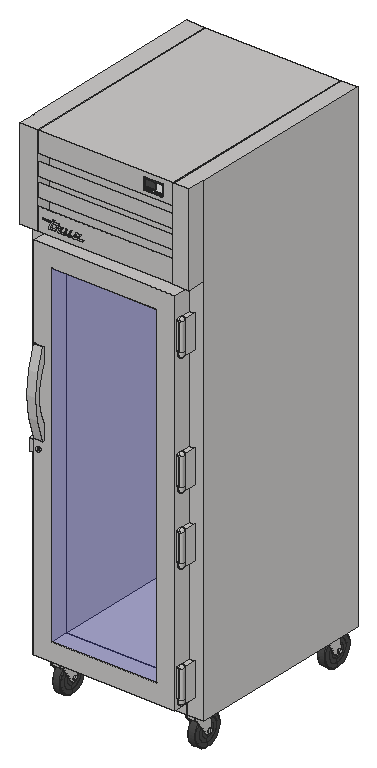
Revit family "QF_TRUE_STG1H-1G", category Specialty Equipment, Revit 2012 (continued)
Automatic sketch dimensions
  plane 7 to Revolve 31 sketch curve = 1 25/32"
  Revolve 32 sketch curve to plane 7 = 0.62954"
  Revolve 32 sketch curve to plane 4 "RIGHT" = 4.14082"
  Revolve 32 sketch curve to Revolve 32 sketch curve = 1.29707"
  Revolve 32 sketch curve to Revolve 32 sketch curve = 0"
  Revolve 32 sketch curve to Revolve 32 sketch curve = 0.10278"
  Revolve 32 sketch curve to plane 7 = 0.00141"
  plane 7 to Revolve 32 sketch curve = 0.26768"
  Extrusion 33 sketch curve to plane 7 = 0.63926"  (x2)
  Extrusion 33 sketch curve to plane 5 "FRONT" = 3.79864"
  Extrusion 33 sketch curve to Extrusion 33 sketch curve = 1/4"  (x2)
  Extrusion 33 sketch curve to Extrusion 33 sketch curve = 2 1/2"
  Extrusion 33 sketch curve to plane 7 = 0.93273"  (x2)
  Extrusion 33 sketch curve to Extrusion 33 sketch curve = 0.03603"
  plane 1 "BACK" to Extrusion 33 sketch curve = 3.8577"
  Extrusion 33 sketch curve to plane 7 = 1.24411"
  plane 1 "BACK" to Extrusion 33 sketch curve = 1.1077"
  Revolve 34 sketch curve to plane 4 "RIGHT" = 4.35148"
  Revolve 34 sketch curve to Revolve 34 sketch curve = 0.48273"
  Revolve 34 sketch curve to Revolve 34 sketch curve = 0.4"
  Revolve 34 sketch curve to Revolve 34 sketch curve = 0"  (x2)
  Revolve 34 sketch curve to Revolve 34 sketch curve = 0.1"  (x2)
  Revolve 34 sketch curve to Revolve 34 sketch curve = 0.16101"
  Revolve 34 sketch curve to Revolve 34 sketch curve = 0.75408"
  Revolve 34 sketch curve to Revolve 34 sketch curve = 0.92798"
  Revolve 34 sketch curve to Revolve 34 sketch curve = 0.06101"
  Revolve 34 sketch curve to Revolve 34 sketch curve = 1/2"
  Revolve 34 sketch curve to Revolve 34 sketch curve = 0.16509"
  Revolve 34 sketch curve to Revolve 34 sketch curve = 0.39592"
  level to Revolve 34 sketch curve = 2 1/2"
  Revolve 34 sketch curve to Revolve 34 sketch curve = 0.29941"  (x2)
  Revolve 34 sketch curve to Revolve 34 sketch curve = 3/4"  (x4)
  Revolve 34 sketch curve to Revolve 34 sketch curve = 0.59652"
  Revolve 34 sketch curve to Revolve 34 sketch curve = 0.60059"
  plane 3 "LEFT" to Revolve 35 sketch curve = 1.33602"
  Revolve 35 sketch curve to Revolve 35 sketch curve = 0.48273"
  Revolve 35 sketch curve to plane 8 = 5/8"  (x2)
  Revolve 35 sketch curve to Revolve 35 sketch curve = 0.1"  (x2)
  Revolve 35 sketch curve to Revolve 35 sketch curve = 0.16101"
  plane 8 to Revolve 35 sketch curve = 0.12908"
  plane 8 to Revolve 35 sketch curve = 0.46399"
  plane 8 to Revolve 35 sketch curve = 0.525"
  Revolve 35 sketch curve to Revolve 35 sketch curve = 1/2"
  Revolve 35 sketch curve to Revolve 35 sketch curve = 0.16509"
  Revolve 35 sketch curve to Revolve 35 sketch curve = 0.39592"
  level to Revolve 35 sketch curve = 2 1/2"
  Revolve 35 sketch curve to Revolve 35 sketch curve = 0"
  Revolve 35 sketch curve to Revolve 35 sketch curve = 0.29941"  (x2)
  Revolve 35 sketch curve to Revolve 35 sketch curve = 3/4"  (x4)
  Revolve 35 sketch curve to Revolve 35 sketch curve = 0.59652"
  Revolve 35 sketch curve to Revolve 35 sketch curve = 0.60059"
  Extrusion 36 sketch curve to plane 7 = 0.63926"  (x2)
  Extrusion 36 sketch curve to plane 5 "FRONT" = 3.79864"
  Extrusion 36 sketch curve to Extrusion 36 sketch curve = 1/4"  (x2)
  level to Extrusion 36 sketch curve = 2.18736"  (x2)
  Extrusion 36 sketch curve to Extrusion 36 sketch curve = 1.7492"
  Extrusion 36 sketch curve to Extrusion 36 sketch curve = 0.50669"  (x2)
  Extrusion 36 sketch curve to Extrusion 36 sketch curve = 2 1/2"
  level to Extrusion 36 sketch curve = 2.59003"
  Extrusion 36 sketch curve to Extrusion 36 sketch curve = 0.59966"  (x2)
  plane 1 "BACK" to Extrusion 36 sketch curve = 3.8577"
  plane 1 "BACK" to Extrusion 36 sketch curve = 1.8585"
  plane 1 "BACK" to Extrusion 36 sketch curve = 1.1077"
  Extrusion 36 sketch curve to Extrusion 36 sketch curve = 0.32905"
  Extrusion 36 sketch curve to Extrusion 36 sketch curve = 0.60485"  (x2)
  Extrusion 37 sketch curve to plane 7 = 0.63926"  (x2)
  Extrusion 37 sketch curve to plane 5 "FRONT" = 3.79864"
  Extrusion 37 sketch curve to Extrusion 37 sketch curve = 1/4"  (x2)
  level to Extrusion 37 sketch curve = 2.18736"  (x2)
  Extrusion 37 sketch curve to Extrusion 37 sketch curve = 1.7492"
  Extrusion 37 sketch curve to Extrusion 37 sketch curve = 0.50669"  (x2)
  Extrusion 37 sketch curve to Extrusion 37 sketch curve = 2 1/2"
  level to Extrusion 37 sketch curve = 2.59003"
  Extrusion 37 sketch curve to Extrusion 37 sketch curve = 0.59966"  (x2)
  plane 1 "BACK" to Extrusion 37 sketch curve = 3.8577"
  plane 1 "BACK" to Extrusion 37 sketch curve = 1.8585"
  plane 1 "BACK" to Extrusion 37 sketch curve = 1.1077"
  Extrusion 37 sketch curve to Extrusion 37 sketch curve = 0.32905"
  Extrusion 37 sketch curve to Extrusion 37 sketch curve = 0.60485"  (x2)
  Revolve 38 sketch curve to plane 8 = 0"  (x2)
  Revolve 38 sketch curve to plane 7 = 0.62954"
  Revolve 38 sketch curve to plane 8 = 1.29707"
  Revolve 38 sketch curve to Revolve 38 sketch curve = 0.10278"
  Revolve 38 sketch curve to plane 7 = 0.00141"
  plane 7 to Revolve 38 sketch curve = 0.26768"
  Revolve 39 sketch curve to level = 0"
  Revolve 39 sketch curve to plane 8 = 0"  (x2)
  Revolve 39 sketch curve to plane 8 = 1/2"
  Revolve 39 sketch curve to Revolve 39 sketch curve = 1/4"
  Revolve 39 sketch curve to plane 7 = 0"
  Revolve 39 sketch curve to plane 8 = 1.33338"
  level to Revolve 39 sketch curve = 1"
  Revolve 39 sketch curve to Revolve 39 sketch curve = 5/8"
  plane 7 to Revolve 39 sketch curve = 1 25/32"
  Revolve 40 sketch curve to level = 0"
  Revolve 40 sketch curve to plane 8 = 0"  (x2)
  Revolve 40 sketch curve to plane 8 = 1/2"
  Revolve 40 sketch curve to Revolve 40 sketch curve = 1/4"
  Revolve 40 sketch curve to plane 7 = 0"
  Revolve 40 sketch curve to plane 8 = 1.33338"
  level to Revolve 40 sketch curve = 1"
  Revolve 40 sketch curve to Revolve 40 sketch curve = 5/8"
  plane 7 to Revolve 40 sketch curve = 1 25/32"
  Revolve 41 sketch curve to plane 8 = 0"  (x2)
  Revolve 41 sketch curve to plane 7 = 0.62954"
  Revolve 41 sketch curve to plane 8 = 1.29707"
  Revolve 41 sketch curve to Revolve 41 sketch curve = 0.10278"
  Revolve 41 sketch curve to plane 7 = 0.00141"
  plane 7 to Revolve 41 sketch curve = 0.26768"
  Extrusion 42 sketch curve to plane 7 = 0.63926"  (x2)
  Extrusion 42 sketch curve to plane 5 "FRONT" = 3.79864"
  Extrusion 42 sketch curve to Extrusion 42 sketch curve = 1/4"  (x2)
  Extrusion 42 sketch curve to Extrusion 42 sketch curve = 2 1/2"
  Extrusion 42 sketch curve to plane 7 = 0.93273"  (x2)
  Extrusion 42 sketch curve to Extrusion 42 sketch curve = 0.03603"
  plane 1 "BACK" to Extrusion 42 sketch curve = 3.8577"
  Extrusion 42 sketch curve to plane 7 = 1.24411"
  plane 1 "BACK" to Extrusion 42 sketch curve = 1.1077"
  plane 3 "LEFT" to Revolve 43 sketch curve = 1.33602"
  Revolve 43 sketch curve to Revolve 43 sketch curve = 0.48273"
  Revolve 43 sketch curve to plane 8 = 5/8"  (x2)
  Revolve 43 sketch curve to Revolve 43 sketch curve = 0.1"  (x2)
  Revolve 43 sketch curve to Revolve 43 sketch curve = 0.16101"
  plane 8 to Revolve 43 sketch curve = 0.12908"
  plane 8 to Revolve 43 sketch curve = 0.46399"
  plane 8 to Revolve 43 sketch curve = 0.525"
  Revolve 43 sketch curve to Revolve 43 sketch curve = 1/2"
  Revolve 43 sketch curve to Revolve 43 sketch curve = 0.16509"
  Revolve 43 sketch curve to Revolve 43 sketch curve = 0.39592"
  level to Revolve 43 sketch curve = 2 1/2"
  Revolve 43 sketch curve to Revolve 43 sketch curve = 0"
  Revolve 43 sketch curve to Revolve 43 sketch curve = 0.29941"  (x2)
  Revolve 43 sketch curve to Revolve 43 sketch curve = 3/4"  (x4)
  Revolve 43 sketch curve to Revolve 43 sketch curve = 0.59652"
  Revolve 43 sketch curve to Revolve 43 sketch curve = 0.60059"
  plane 5 "FRONT" to Extrusion 44 sketch curve = 0"
  Extrusion 44 sketch curve to plane 8 = 9/16"
  Extrusion 44 sketch curve to plane 4 "RIGHT" = 2 1/4"
  plane 8 to Extrusion 45 sketch curve = 2 7/16"
  Extrusion 45 sketch curve to plane 4 "RIGHT" = 5 9/32"
  plane 7 to Extrusion 45 sketch curve = 4 29/32"
  Extrusion 45 sketch curve to plane 6 "TOP" = 19 5/32"
  Extrusion 46 sketch curve to plane 8 = 0"
  Extrusion 46 sketch curve to plane 5 "FRONT" = 5.09023"
  Extrusion 47 sketch curve to plane 8 = 0"
  plane 1 "BACK" to Extrusion 47 sketch curve = 2.69102"
  Extrusion 48 sketch curve to plane 4 "RIGHT" = 2 27/32"
  plane 1 "BACK" to Extrusion 48 sketch curve = 2.69102"
  Extrusion 49 sketch curve to plane 4 "RIGHT" = 2 27/32"
  Extrusion 49 sketch curve to plane 5 "FRONT" = 5.09023"
  Extrusion 3 sketch curve to plane 9 = 0"  (x4)
  Extrusion 3 sketch curve to plane 6 "TOP" = 0"
  plane 9 to Extrusion 3 sketch curve = 2.2042"
  Extrusion 3 sketch curve to Extrusion 3 sketch curve = 0"  (x3)
  plane 1 "BACK" to Extrusion 3 sketch curve = 0"
  Extrusion 3 sketch curve to plane 6 "TOP" = 3.34422"
  Extrusion 3 sketch curve to Extrusion 3 sketch curve = 1.12227"  (x2)
  Extrusion 3 sketch curve to Extrusion 3 sketch curve = 0.445"
  Extrusion 3 sketch curve to Extrusion 3 sketch curve = 2.13371"  (x2)
  Extrusion 3 sketch curve to Extrusion 3 sketch curve = 0.96076"  (x2)
  Extrusion 3 sketch curve to Extrusion 3 sketch curve = 2.0962"  (x2)
  Extrusion 3 sketch curve to Extrusion 3 sketch curve = 1.27557"  (x2)
  Extrusion 3 sketch curve to Extrusion 3 sketch curve = 2 1/8"
  plane 7 to Extrusion 3 sketch curve = 2.86127"
  Extrusion 3 sketch curve to plane 7 = 0"
  Extrusion 3 sketch curve to Extrusion 3 sketch curve = 2"
  plane 9 to Extrusion 3 sketch curve = 2.7042"  (x2)
  Extrusion 3 sketch curve to Extrusion 3 sketch curve = 2 1/2"
  Extrusion 3 sketch curve to Extrusion 3 sketch curve = 1"
  curve 5 to plane 3 "LEFT" = 0"
  plane 5 "FRONT" to curve 23 = 0"
  plane 1 "BACK" to curve 4 = 0"
  curve 4 to plane 4 "RIGHT" = 0"
  plane 3 "LEFT" to curve 11 = 1.20097"
  plane 3 "LEFT" to curve 7 = 1.20097"
  curve 23 to plane 8 = 9/16"
  curve 26 to plane 8 = 0.36903"
  curve 8 to plane 8 = 11/32"
  curve 13 to plane 8 = 11/32"
  plane 8 to curve 7 = 0.98222"
  plane 1 "BACK" to curve 11 = 0.4208"
  plane 8 to curve 11 = 0.98222"
  plane 8 to curve 25 = 1.13097"
  plane 8 to curve 23 = 2.51473"
  curve 15 to plane 4 "RIGHT" = 5.39157"
  curve 19 to plane 4 "RIGHT" = 5.29782"
  curve 15 to curve 16 = 1.29904"
  curve 19 to curve 20 = 1.29904"
  plane 1 "BACK" to curve 14 = 0.4208"
  curve 14 to plane 4 "RIGHT" = 2.76657"
  curve 19 to plane 4 "RIGHT" = 2.67282"
  curve 23 to plane 4 "RIGHT" = 2 1/4"
  curve 22 to curve 23 = 0"
  curve 24 to curve 24 = 1.63415"
  curve 27 to curve 24 = 0.2"
  curve 5 to plane 5 "FRONT" = 2 1/4"
  curve 21 to plane 5 "FRONT" = 3.92849"
  curve 5 to curve 9 = 1.78257"
  curve 20 to curve 20 = 3/4"
  curve 8 to curve 7 = 3/4"
  curve 13 to curve 10 = 5.29663"
  curve 16 to curve 14 = 5.29663"
  radius of Extrusion 8 sketch curve = 0.35"
  radius of Extrusion 12 sketch curve = 1/4"
  radius of Extrusion 46 sketch curve = 1 1/2"
  radius of Extrusion 47 sketch curve = 1 1/2"
  radius of Extrusion 48 sketch curve = 1 1/2"
  radius of Extrusion 49 sketch curve = 1 1/2"
Connectors (in)
  electrical at (24.25, -0.0625, 82), driven by "Volts", driven by "Watts"
    settings: on Extrusion 12, index 1, voltage 208 V, apparent load 1500 VA, apparent load phase1 0 VA, apparent load phase2 0 VA, apparent load phase3 0 VA, power factor 1, load classification "Other", number of poles 1, system type 30, power factor state 1, is connector primary yes, connector utility no, sub classification motor no, connector description "ELECTRICAL CONNECTION"
